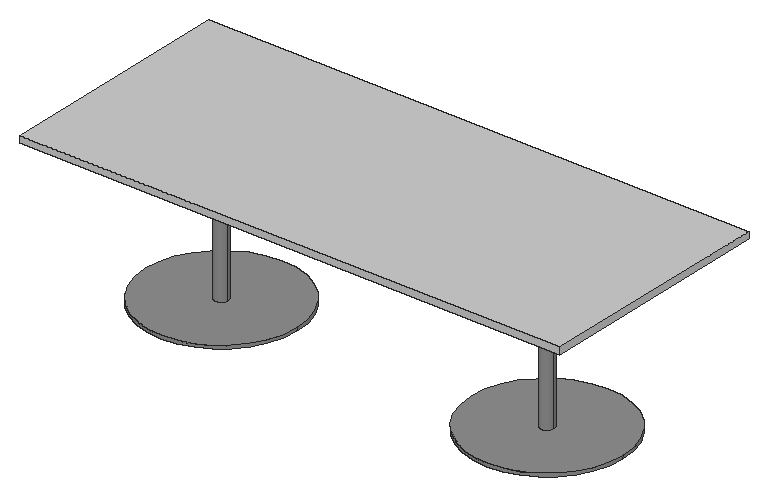
Revit family "Haworth_JiveTable_Rectangle_DiscBase", category Furniture Systems, Revit 2018
Family settings
  Round Connector Dimension = Use Diameter
  Part Type = Normal
  OmniClass Number = 23.40.70.14.64.21
  OmniClass Title = Systems Furniture
  Work Plane-Based = No
  Always vertical = Yes
  Cut with Voids When Loaded = No
  Shared = No
  Room Calculation Point = No
Parameters (values of type "42d 96w 29h")
  Width = 96"
  Warranty = "http://www.haworth.com/resources/product-info/warranties"
  URL - Product = "https://www.haworth.com/na/en/products/height-adjustable-tables/jive.html"
  Two Disk = or(and(Actual Width > 60", Actual Width < 96"), Actual Width = 60", Actual Width = 96")  # yes
  Table Finish [instance] = Haworth _ Laminate _ Putty H-AA
  Table Edge Finish [instance] = Haworth _ Laminate _ Putty H-AA
  Standard Height = "29, 36 in."  # constant formula
  One Disk = or(and(Actual Width < 48", Actual Width > 24"), Actual Width = 24", Actual Width = 48", (and(Actual Width = 60", Actual Depth = 30")))  # no
  Model = "Haworth Jive"  # constant formula
  Min. Height = 29"  # constant formula
  Max. Height = 36"  # constant formula
  Leg Finish [instance] = Haworth _ Paint _ Graphite
  Height = 29"
  Disc Distance = if(Actual Width < 25", 8 109/128", if(Actual Width < 31", 11", 13 1/2"))  # 13 1/2"
  Description = "Haworth Jive Table Rectangle Disc Base - 42d 96w 29h"
  URL = "https://www.haworth.com/na/en.html"
  Table Thickness = 1 3/16"  # constant formula
  Size = "Verify Final Dim. w/ Haworth"  # constant formula
  Revision Number = "0"  # constant formula
  Standard Widths = "24, 30, 36, 42, 60, 72, 84, 96 in."  # constant formula
  Standard Depths = "24, 30, 36, 42in."  # constant formula
  Min. Width = 24"  # constant formula
  Max. Width = 96"  # constant formula
  Min. Depth = 24"  # constant formula
  Max. Depth = 42"  # constant formula
  Manufacturer = "Haworth, Inc."  # constant formula
  Leg Height = Actual Height - Table Thickness  # 27 13/16"
  Depth = 42"
  Custom Size = not(and(or(Depth = 24", Depth = 30", Depth = 36", Depth = 42"), or(Height = 29", Height = 36"), or(Width = 24", Width = 30", Width = 36", Width = 42", Width = 60", Width = 72", Width = 84", Width = 96")))  # no
  Base Distance = if(One Disk, 0", Actual Width - 38")  # 58"
  Author = "SHAPE Environments, LLC"  # constant formula
  Assembly Code = "E2020200"
  Actual Width = if(Width < Min. Width, Min. Width, if(Width > Max. Width, Max. Width, Width))  # 96"
  Actual Height = if(Height > Max. Height, Max. Height, if(Height < Min. Height, Min. Height, Height))  # 29"
  Actual Depth = if(Depth > Max. Depth, Max. Depth, if(Depth < Min. Depth, Min. Depth, Depth))  # 42"
Types (4): name | Width | Two Disk | One Disk | Disc Distance | Description | Depth | Base Distance | Actual Width | Actual Depth
  30d 72w 29h | 72" | yes | no | 13 1/2" | "Haworth Jive Table Rectangle Disc Base - 30d 72w 29h" | 30" | 34" | 72" | 30"
  42d 42w 29h | 42" | no | yes | 13 1/2" | "Haworth Jive Table Rectangle Disc Base - 42d 42w 29h" | 42" | 0" | 42" | 42"
  24d 24w 29h | 24" | no | yes | 8 109/128" | "Haworth Jive Table Rectangle Disc Base - 24d 24w 29h" | 24" | 0" | 24" | 24"
  42d 96w 29h | 96" | yes | no | 13 1/2" | "Haworth Jive Table Rectangle Disc Base - 42d 96w 29h" | 42" | 58" | 96" | 42"
Reference planes (in)
  plane 1 "Center F/B": y = 0
  plane 2: z = 0
  plane 3 "Center L/R": x = 0
  plane 4 "Table Edge Left": x = -48
  plane 5 "Table Edge Right": x = 48
  plane 6 "Table Edge Back": y = 21
  plane 7 "Table Edge Front": y = -21
  plane 8 "Top": z = 29
  plane 9 "Top Bottom": z = 27.8125
Forms (in)
  Extrusion 1, solid, material "Haworth _ Laminate _ Putty H-AA" <- "Table Finish"
    sketch origin (0, 0, 24.3125) x (-1, 0, 0) y (0, -1, 0)
      loop
        line (48, -21) -> (48, 21) -> (-48, 21) -> (-48, -21) -> (48, -21)
    from 4.6875 to 3.5
Lines and regions (in)
  Masking region 1
    outline origin (6, -15, 29) x (-1, 0, 0) y (0, -1, 0)
      loop
        line (54, -36) -> (54, 6) -> (-42, 6) -> (-42, -36) -> (54, -36)
Dimensions and locks (in)
  "Actual Width": plane 4 "Table Edge Left" to plane 5 "Table Edge Right"
  equal spacing: plane 4 "Table Edge Left", plane 3 "Center L/R", plane 5 "Table Edge Right"
  "Actual Depth": plane 6 "Table Edge Back" to plane 7 "Table Edge Front"
  equal spacing: plane 6 "Table Edge Back", plane 1 "Center F/B", plane 7 "Table Edge Front"
  "Actual Height": plane 8 "Top" to level
  "Table Thickness": plane 8 "Top" to plane 9 "Top Bottom"
  aligned and locked: plane 4 "Table Edge Left" to Extrusion 1 sketch curve
  aligned and locked: Extrusion 1 sketch curve to plane 6 "Table Edge Back"
  aligned and locked: plane 7 "Table Edge Front" to Extrusion 1 sketch curve
  aligned and locked: Extrusion 1 sketch curve to plane 5 "Table Edge Right"
  aligned and locked: Extrusion 1 to plane 9 "Top Bottom"
  aligned and locked: plane 8 "Top" to Extrusion 1
  aligned and locked: plane 3 "Center L/R" to nested 1
  aligned and locked: plane 1 "Center F/B" to nested 1
  aligned and locked: Extrusion 1 sketch curve to plane 4 "Table Edge Left"
  aligned and locked: nested 1 to plane 2
  aligned and locked: plane 5 "Table Edge Right" to Masking region 1
  aligned and locked: plane 6 "Table Edge Back" to Masking region 1
  aligned and locked: plane 4 "Table Edge Left" to Masking region 1
  aligned and locked: Masking region 1 to plane 7 "Table Edge Front"
Automatic sketch dimensions
  plane 5 "Table Edge Right" to Masking region 1 sketch curve = 0"
  Masking region 1 sketch curve to plane 4 "Table Edge Left" = 0"
  Masking region 1 sketch curve to plane 6 "Table Edge Back" = 0"
  Masking region 1 sketch curve to plane 7 "Table Edge Front" = 0"
Nested families (in)
  nested 1: "JiveDiscBase" at (-6.31284, -5.5, 0), type "Base"
    with Table Width 96", Base Distance 58"
Definition of nested family "JiveDiscBase"
  Parameters (values of type "Base")
    Warranty = ""
    URL - Product = ""
    URL = "www.haworth.com"
    Two Disc = yes
    Table Width = 72"
    One Disk = no
    OmniClass Number = ""
    Material Options = ""
    Leg Height = 27 13/16"
    Disc Radius = 13 1/2"
    Base Finish = none
    Size = "Verify Final Dim. w/ Haworth"  # constant formula
    Revision Number = "1"
    Manufacturer = "Haworth"  # constant formula
    Base Distance = 72"
    Author = "SHAPE Environments, LLC"  # constant formula
    Assembly Code = ""
  Reference planes (in)
    plane 1 "Center F/B": y = 5.5
    plane 2: z = 0
    plane 3 "Center L/R": x = 6.31284
    plane 4 "Leg Top": z = 27.8125
    plane 5: z = 27.6775
    plane 6 "table top": z = 29.3125
    plane 7: x = 42.31284
    plane 8: x = -29.68716
  Forms (in)
    Extrusion 1, solid, material <- "Base Finish"
      sketch origin (41, 0, 0) x (1, 0, 0) y (0, 1, 0)
        loop
          circle (1.31284, 5.5) r 13.5
      from 0 to 0.565
    Extrusion 2, solid, material <- "Base Finish"
      sketch origin (41, 0, 0) x (1, 0, 0) y (0, 1, 0)
        loop
          circle (1.31284, 5.5) r 1.181
      from 0.565 to 27.6775
    Extrusion 3, solid, material <- "Base Finish", detail levels fine
      sketch origin (33.5, -0.00018, 0) x (1, 0, 0) y (0, 1, 0)
        loop
          line (0.32764, 5.50018) -> (8.81284, -2.985) -> (17.29805, 5.50018) -> (8.81284, 13.98537) -> (0.32764, 5.50018)
      from 27.6775 to 27.8125
    Extrusion 4, solid, material <- "Base Finish", visible <- "Two Disc"
      sketch origin (-25, 0, 0) x (1, 0, 0) y (0, 1, 0)
        loop
          circle (-4.68716, 5.5) r 13.5
      from 0 to 0.565
    Extrusion 5, solid, material <- "Base Finish", visible <- "Two Disc"
      sketch origin (-25, 0, 0) x (1, 0, 0) y (0, 1, 0)
        loop
          circle (-4.68716, 5.5) r 1.181
      from 0.565 to 27.6775
    Extrusion 6, solid, material <- "Base Finish", visible <- "Two Disc", detail levels fine
      sketch origin (-37.5, -0.00018, 0) x (1, 0, 0) y (0, 1, 0)
        loop
          line (-0.67236, 5.50018) -> (7.81284, -2.985) -> (16.29805, 5.50018) -> (7.81284, 13.98537) -> (-0.67236, 5.50018)
      from 27.6775 to 27.8125
  Lines and regions (in)
    symbolic lines, detail levels medium+fine
      curve 1: circle (42.31284, 5.5, 29.3125) r 13.5 normal (0, 0, 1)
      curve 3: line (-38.17236, 5.5, 29.3125) -> (-29.68716, -2.98519, 29.3125)
      curve 4: line (-29.68716, -2.98519, 29.3125) -> (-21.20195, 5.5, 29.3125)
      curve 5: line (-21.20195, 5.5, 29.3125) -> (-29.68716, 13.98519, 29.3125)
      curve 6: line (-29.68716, 13.98519, 29.3125) -> (-38.17236, 5.5, 29.3125)
    symbolic lines, visible <- "Two Disc", detail levels medium+fine
      curve 2: circle (-29.68716, 5.5, 29.3125) r 13.5 normal (0, 0, 1)
      curve 7: line (33.82764, 5.5, 29.3125) -> (42.31284, -2.98519, 29.3125)
      curve 8: line (42.31284, -2.98519, 29.3125) -> (50.79805, 5.5, 29.3125)
      curve 9: line (50.79805, 5.5, 29.3125) -> (42.31284, 13.98519, 29.3125)
      curve 10: line (42.31284, 13.98519, 29.3125) -> (33.82764, 5.5, 29.3125)
  Dimensions and locks (in)
    "Leg Height": plane 4 "Leg Top" to level
    locked: plane 4 "Leg Top" to plane 5 at 0.135
    locked: plane 6 "table top" to plane 4 "Leg Top" at 1.5
    equal spacing: plane 8, plane 3 "Center L/R", plane 7
    "Base Distance": plane 8 to plane 7
    "Disc Radius": radius of Extrusion 4 sketch curve
    "Disc Radius": radius of Extrusion 1 sketch curve
    aligned and locked: plane 7 to Extrusion 1 sketch curve
    aligned and locked: plane 7 to Extrusion 3
    aligned and locked: plane 1 "Center F/B" to Extrusion 3
    aligned and locked: plane 7 to Extrusion 2 sketch curve
    aligned and locked: curve 1 to Extrusion 1
    aligned and locked: plane 1 "Center F/B" to Extrusion 2 sketch curve
    aligned and locked: curve 2 to Extrusion 4
    aligned and locked: plane 1 "Center F/B" to Extrusion 4 sketch curve
    aligned and locked: plane 8 to Extrusion 4 sketch curve
    aligned and locked: plane 8 to Extrusion 5 sketch curve
    aligned and locked: plane 1 "Center F/B" to Extrusion 5 sketch curve
    aligned and locked: plane 8 to Extrusion 6
    aligned and locked: plane 1 "Center F/B" to Extrusion 6
    aligned and locked: plane 4 "Leg Top" to Extrusion 6
    aligned and locked: Extrusion 6 to plane 5
    aligned and locked: plane 5 to Extrusion 5
    aligned and locked: plane 4 "Leg Top" to Extrusion 3
    aligned and locked: Extrusion 3 to plane 5
    aligned and locked: plane 5 to Extrusion 2
    aligned and locked: curve 6 to Extrusion 6
    aligned and locked: curve 3 to Extrusion 6
    aligned and locked: curve 4 to Extrusion 6
    aligned and locked: curve 5 to Extrusion 6
    aligned and locked: Extrusion 3 to curve 10
    aligned and locked: curve 8 to Extrusion 3
    aligned and locked: curve 9 to Extrusion 3
    aligned and locked: curve 7 to Extrusion 3
  Automatic sketch dimensions
    plane 1 "Center F/B" to Extrusion 3 sketch curve = 0"  (x2)
    Extrusion 3 sketch curve to plane 7 = 0"  (x2)
    Extrusion 3 sketch curve to plane 7 = 8.4852"
    plane 7 to Extrusion 3 sketch curve = 8.48521"
    plane 1 "Center F/B" to Extrusion 3 sketch curve = 8.48519"
    Extrusion 3 sketch curve to plane 1 "Center F/B" = 8.48519"
    plane 1 "Center F/B" to Extrusion 6 sketch curve = 0"  (x2)
    Extrusion 6 sketch curve to plane 8 = 8.4852"
    plane 8 to Extrusion 6 sketch curve = 0"  (x2)
    Extrusion 6 sketch curve to Extrusion 6 sketch curve = 8.48521"
    plane 1 "Center F/B" to Extrusion 6 sketch curve = 8.48519"
    Extrusion 6 sketch curve to plane 1 "Center F/B" = 8.48519"
    plane 1 "Center F/B" to Extrusion 1 sketch curve = 0"
    radius of Extrusion 2 sketch curve = 1.181"
    radius of Extrusion 5 sketch curve = 1.181"
Types in the file's own list only (9): name | Width | Two Disk | One Disk | Height | Disc Distance | Description | Leg Height | Depth | Base Distance | Actual Width | Actual Height | Actual Depth
  30d 30w 29h | 30" | No | Yes | 29" | 11" | "Haworth Jive Table Rectangle Disc Base - 30d 30w 29h" | 27 13/16" | 30" | 0" | 30" | 29" | 30"
  36d 36w 29h | 36" | No | Yes | 29" | 13 1/2" | "Haworth Jive Table Rectangle Disc Base - 36d 36w 29h" | 27 13/16" | 36" | 0" | 36" | 29" | 36"
  30d 30w 36h | 30" | No | Yes | 36" | 11" | "Haworth Jive Table Rectangle Disc Base - 30d 30w 36h" | 34 13/16" | 30" | 0" | 30" | 36" | 30"
  36d 36w 36h | 36" | No | Yes | 36" | 13 1/2" | "Haworth Jive Table Rectangle Disc Base - 36d 36w 36h" | 34 13/16" | 36" | 0" | 36" | 36" | 36"
  42d 42w 36h | 42" | No | Yes | 36" | 13 1/2" | "Haworth Jive Table Rectangle Disc Base - 42d 42w 36h" | 34 13/16" | 42" | 0" | 42" | 36" | 42"
  30d 60w 29h | 60" | Yes | Yes | 29" | 13 1/2" | "Haworth Jive Table Rectangle Disc Base - 30d 60w 29h" | 27 13/16" | 30" | 0" | 60" | 29" | 30"
  36d 72w 29h | 72" | Yes | No | 29" | 13 1/2" | "Haworth Jive Table Rectangle Disc Base - 36d 72w 29h" | 27 13/16" | 36" | 34" | 72" | 29" | 36"
  36d 84w 29h | 84" | Yes | No | 29" | 13 1/2" | "Haworth Jive Table Rectangle Disc Base - 36d 84w 29h" | 27 13/16" | 36" | 46" | 84" | 29" | 36"
  42d 84w 29h | 84" | Yes | No | 29" | 13 1/2" | "Haworth Jive Table Rectangle Disc Base - 42d 84w 29h" | 27 13/16" | 42" | 46" | 84" | 29" | 42"
